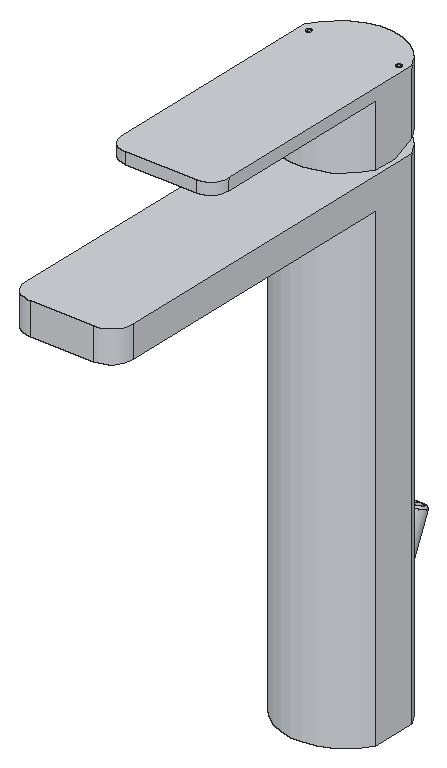
Revit family "Faucet-Lavatory-KOHLER-PARALLEL-K-23475IN", category Plumbing Fixtures, host Face, Revit 2017
Family settings
  Host = Face
  Round Connector Dimension = Use Diameter
  Part Type = Normal
  OmniClass Number = 23.31.11.00
  OmniClass Title = Faucets
  Cut with Voids When Loaded = No
  Shared = No
  Room Calculation Point = No
Parameters (values of type "With Drain, CP-Polished Chrome")
  Width = 1.85039"  # constant formula
  WaterSense Certified = 1 = 0  # no
  Waste Water Outlet = "Waste Water Outlet"  # constant formula
  Waste Connection = 1 = 0  # no
  Vent Connection = 1 = 0  # no
  URL = "https://www.kohler.co.in/"
  Type = 1
  Spout Reach = 5.3937"  # constant formula
  Product Page URL = "https://www.kohler.co.in/product-detail/23475in-4?skuid=K-23475IN-4-CP"
  Product Name = "PARALLEL"  # constant formula
  Product Documentation Link = ""
  Pressure = 0.00 psi
  Model = if(Type = 1, "K-23475IN-4-CP", if(Type = 2, "K-23475IN-4ND-CP", if(Type = 3, "K-23475IN-4ND-AF", if(Type = 4, "K-23475IN-4ND-BN", if(Type = 5, "K-23475IN-4ND-RGD", "NA")))))  # "K-23475IN-4-CP"
  Material = "Premium Metal Construction"  # constant formula
  Master Format 2014 Name = "Residential Faucets, Supplies, and Trim"  # constant formula
  Master Format 2014 = "22 41 39"  # constant formula
  Manufacturer Address = "Ambience Office Tower NH-8 Gurgaon / Gurugram Haryana , 122001"  # constant formula
  Manufacturer = "KOHLER Co."  # constant formula
  Lift Rod = Type = 1  # yes
  Length = Spout Reach  # 5.3937"
  Hot Water Inlet = "Hot Water Inlet"  # constant formula
  Height = 10.27559"  # constant formula
  Handle Clearance = 3 15/16"  # constant formula
  HW Connection = 1 = 1  # yes
  Flow Rate = 0 GPM
  Finish = Kohler-Metal-CP-Polished_Chrome
  Environmental Product Declaration = ""
  Drain Included = if(Type = 1, 1 = 1, 1 = 0)  # yes
  Description = if(Type = 1, "Single Control Tall Lav With Drain", "Single Control Tall Lav Without Drain")  # "Single Control Tall Lav With Drain"
  Default Elevation = 36"
  Declare Label = ""
  Date Modified = "05/19/2020"  # constant formula
  Date Created = "05/19/2020"  # constant formula
  Copyright = "Copyright KOHLER Co."  # constant formula
  Contact Us = "https://www.kohler.co.in/contact-us"
  Cold Water Inlet = "Cold Water Inlet"  # constant formula
  CW Connection = 1 = 1  # yes
  Assembly Code = "D2010"
  ADA Compliant = 1 = 0  # no
Types (6): name | Type | Product Page URL | Model | Lift Rod | Finish | Drain Included | Description
  (no name) | 1 | "https://www.kohler.co.in/product-detail/23475in-4?skuid=K-23475IN-4-CP" | "K-23475IN-4-CP" | yes | Kohler-Metal-CP-Polished_Chrome | yes | "Single Control Tall Lav With Drain"
  With Drain, CP-Polished Chrome | 1 | "https://www.kohler.co.in/product-detail/23475in-4?skuid=K-23475IN-4-CP" | "K-23475IN-4-CP" | yes | Kohler-Metal-CP-Polished_Chrome | yes | "Single Control Tall Lav With Drain"
  Without Drain, BN-Brushed Nickel | 4 | "https://www.kohler.co.in/product-detail/23475in-4nd?skuid=K-23475IN-4ND-BN" | "K-23475IN-4ND-BN" | no | Kohler-Metal-BN-Vibrant_Brushed_Nickel | no | "Single Control Tall Lav Without Drain"
  Without Drain, AF- Flange Gold | 3 | "https://www.kohler.co.in/product-detail/23475in-4nd?skuid=K-23475IN-4ND-AF" | "K-23475IN-4ND-AF" | no | Kohler-Metal-AF-Flange_Gold | no | "Single Control Tall Lav Without Drain"
  Without Drain, RGD-Rose Gold | 5 | "https://www.kohler.co.in/product-detail/23475in-4nd?skuid=K-23475IN-4ND-RGD" | "K-23475IN-4ND-RGD" | no | Kohler-Metal-RGD-Rose_Gold | no | "Single Control Tall Lav Without Drain"
  Without Drain, CP-Polished Chrome | 2 | "https://www.kohler.co.in/product-detail/23475in-4nd?skuid=K-23475IN-4ND-CP" | "K-23475IN-4ND-CP" | no | Kohler-Metal-CP-Polished_Chrome | no | "Single Control Tall Lav Without Drain"
Reference planes (in)
  plane 1 "Center (Front/Back)": y = 0
  plane 2: z = 0
  plane 3 "Center (Left/Right)": x = 0
  plane 4: y = 0.9252
  plane 5: y = -0.9252
  plane 6: z = 8.18898
  plane 7: y = -5.3937
  plane 8: y = -6.10236
  plane 9: z = 10.27559
  plane 10: y = -3.9375
  plane 11: x = -0.9252
  plane 12: x = 0.9252
  plane 13: y = 1.75121
Dimensions and locks (in)
  "Length": plane 1 "Center (Front/Back)" to plane 7
  "Height": plane 9 to plane 2
  "Width": plane 11 to plane 12
  "Handle Clearance": plane 1 "Center (Front/Back)" to plane 10
  locked: plane 6 to plane 2 at 8.18898
  locked: plane 1 "Center (Front/Back)" to plane 8 at 6.10236
  plane 4 to plane 5 = 1.85039"
  aligned and locked: plane 2 to host face
  aligned and locked: level to host face
Automatic sketch dimensions
  host sketch curve to host sketch curve = 96"  (x2)
Nested families (in)
  nested 1: "K-23475IN" at (0, 0, 0), type "K-23475IN"
Connectors (in)
  piping at (0.43503, 0, 0), diameter 0.5, driven by "CW Connection", driven by "Cold Water Inlet"
    settings: on nested 1, index 1, connector inside diameter 24", connector length 0", flow factor 0, pipe flow 0 GPM, pressure drop 0.00 psi, fitting loss kfactor 0, connector angle 0.00°, fixture units 0, engagement length 0", angle of deflection 0.00°, flow configuration 0, flow direction 1, fitting loss method 0, system type 20, joint type 0, gender type 0, connector reference index -1, connector utility 1, adjustable connector no, is connector primary yes, connector description "Cold Water Inlet"
  piping at (-0.43503, 0, 0), diameter 0.5, driven by "HW Connection", driven by "Hot Water Inlet"
    settings: on nested 1, index 2, connector inside diameter 24", connector length 0", flow factor 0, pipe flow 0 GPM, pressure drop 0.00 psi, fitting loss kfactor 0, connector angle 0.00°, fixture units 0, engagement length 0", angle of deflection 0.00°, flow configuration 0, flow direction 1, fitting loss method 0, system type 19, joint type 0, gender type 0, connector reference index -1, connector utility 1, adjustable connector no, is connector primary no, connector description "Hot Water Inlet"
Definition of nested family "K-23475IN"
  Parameters (values of type "K-23475IN")
    Material = none
    4ND = yes
  Reference planes (in)
    plane 1 "Center (Front/Back)": y = 0
    plane 2: z = 0
    plane 3 "Center (Left/Right)": x = 0
    plane 4: y = 0.9252
    plane 5: x = -0.9252
    plane 6: y = -6.10236
    plane 7: x = -0.43503
    plane 8: x = 0.43503
    plane 9: y = -0.9252
    plane 10: x = 0.9252
    plane 11: y = -5.3937
    plane 12: z = 8.18898
    plane 13: z = 10.27559
    plane 14: y = 1.74173
    plane 15: x = -0.7874
    plane 16: x = 0.7874
    plane 17: y = 0.27559
  Forms (in)
    Extrusion 1, solid, material <- "Material", detail levels medium+fine
      sketch origin (0, 0, 0) x (1, 0, 0) y (0, 1, 0)
        loop
          line (-0.9375, 0.36941) -> (-0.9375, -0.41291)
          arc (-0.9375, -0.41291) -> (0, -0.96875) -> (0.9375, -0.41291) r 1.06853
          line (0.9375, -0.41291) -> (0.9375, 0.36941)
          arc (0.9375, 0.36941) -> (0, 0.96875) -> (-0.9375, 0.36941) r 1.0329
      from 0 to 8.91732
    Extrusion 2, solid, material <- "Material", detail levels medium+fine
      sketch origin (0, 0, 0) x (1, 0, 0) y (0, 1, 0)
        loop
          line (-0.55477, -6.09375) -> (0.55477, -6.09375)
          arc (0.55477, -6.09375) -> (0.8254, -5.98165) -> (0.9375, -5.71102) r 0.38273
          line (0.9375, -5.71102) -> (0.9375, 0) -> (-0.9375, 0) -> (-0.9375, -5.71102)
          arc (-0.9375, -5.71102) -> (-0.8254, -5.98165) -> (-0.55477, -6.09375) r 0.38273
      from 8.36614 to 8.91732
    Extrusion 3, solid, material <- "Material", detail levels medium+fine
      sketch origin (0, 0, 9) x (1, 0, 0) y (0, 1, 0)
        loop
          line (-0.9375, 0.36941) -> (-0.9375, -0.41291)
          arc (-0.9375, -0.41291) -> (0, -0.96875) -> (0.9375, -0.41291) r 1.06853
          line (0.9375, -0.41291) -> (0.9375, 0.36941)
          arc (0.9375, 0.36941) -> (0, 0.96875) -> (-0.9375, 0.36941) r 1.0329
      from 0 to 1.28125
    Revolve 4, solid, material <- "Material", detail levels medium+fine
      sketch origin (0, 0, 0) x (0, 1, 0) y (0, 0, 1)
        loop
          line (0, 9.53196) -> (0, 8.91732) -> (0.78685, 8.91732)
          arc (0.78685, 8.91732) -> (0.76344, 8.93263) -> (0.75436, 8.95908) r 0.04309
          line (0.75436, 8.95908) -> (0.75436, 9.53196) -> (0, 9.53196)
        axis (0, 9.53196) -> (0, 8.91732)
      angle from 0 to 360
    Extrusion 5, void
      sketch origin (0, 0, 0) x (0, 1, 0) y (0, 0, 1)
        loop
          line (-0.00884, 9) -> (1.24564, 9) -> (1.24564, 9.35039) -> (0.8223, 9.35039)
          arc (0.8223, 9.35039) -> (0.77912, 9.34586) -> (0.73782, 9.33244) r 0.2077
          line (0.73782, 9.33244) -> (-0.00884, 9)
      from -1.5494 to 12
    Extrusion 6, solid, material <- "Material", detail levels medium+fine
      sketch origin (0, 0, 0) x (1, 0, 0) y (0, 1, 0)
        loop
          line (-0.9375, 0) -> (-0.9375, -3.61531)
          arc (-0.9375, -3.61531) -> (-0.84313, -3.84313) -> (-0.61531, -3.9375) r 0.32219
          line (-0.61531, -3.9375) -> (0.62024, -3.9375)
          arc (0.62024, -3.9375) -> (0.84458, -3.84458) -> (0.9375, -3.62024) r 0.31726
          line (0.9375, -3.62024) -> (0.9375, 0) -> (-0.9375, 0)
      from 10.08661 to 10.28125
    Revolve 7, solid, material <- "Material", detail levels medium+fine
      sketch origin (0, 0, 0) x (0, 1, 0) y (0, 0, 1)
        loop
          line (-5.31322, 8.13228) -> (-4.99308, 8.04529)
          arc (-4.99308, 8.04529) -> (-4.94482, 8.07054) -> (-4.90967, 8.11213) r 0.1416
          line (-4.90967, 8.11213) -> (-4.77345, 8.07512)
          arc (-4.77345, 8.07512) -> (-4.74981, 8.07729) -> (-4.73335, 8.0944) r 0.03399
          arc (-4.73335, 8.0944) -> (-4.62587, 8.25463) -> (-4.46843, 8.36614) r 0.53346
          line (-4.46843, 8.36614) -> (-5.24969, 8.36614) -> (-5.31322, 8.13228)
        axis (-5.19598, 8.56381) -> (-5.31323, 8.13228)
      angle from 0 to 360
    Revolve 8, solid, material <- "Material", visible <- "4ND", detail levels medium+fine
      sketch origin (0, 0, 0) x (0, 1, 0) y (0, 0, 1)
        loop
          line (1.15929, 1.92054) -> (0.80011, 1.13238) -> (0.88072, 1.09565) -> (1.56643, 2.60031) -> (1.40608, 2.67339)
          arc (1.40608, 2.67339) -> (1.37535, 2.67446) -> (1.35286, 2.65349) r 0.04018
          line (1.35286, 2.65349) -> (1.05419, 1.99812)
          arc (1.05419, 1.99812) -> (1.05347, 1.97746) -> (1.06757, 1.96234) r 0.02701
          line (1.06757, 1.96234) -> (1.15929, 1.92054)
        axis (1.56643, 2.60031) -> (0.88072, 1.09565)
      angle from 0 to 360
    Extrusion 9, solid, detail levels medium+fine
      sketch origin (0, -2.25518, -1.03743) x (1, 0, 0) y (0, 0.965926, -0.258819)
        loop
          line (-0.17669, -5.13203) -> (-0.1363, -5.17101)
          spline (-0.1363, -5.17101) -> (-0.13379, -5.16881) -> (-0.13124, -5.16664) -> (-0.12865, -5.16452) -> (-0.12602, -5.16244) -> (-0.12336, -5.16041) -> (-0.12066, -5.15842) -> (-0.11793, -5.15647) -> (-0.11517, -5.15457) -> (-0.11237, -5.15271) -> (-0.10954, -5.1509) -> (-0.10668, -5.14913) -> (-0.10378, -5.14742)
          line (-0.10378, -5.14742) -> (-0.13233, -5.0997)
          spline (-0.13233, -5.0997) -> (-0.13629, -5.10203) -> (-0.14021, -5.10444) -> (-0.14408, -5.1069) -> (-0.14791, -5.10944) -> (-0.15169, -5.11204) -> (-0.15542, -5.11471) -> (-0.1591, -5.11744) -> (-0.16272, -5.12024) -> (-0.1663, -5.12309) -> (-0.16982, -5.12601) -> (-0.17328, -5.12899) -> (-0.17669, -5.13203)
        loop
          line (-0.21891, -5.18697) -> (-0.16948, -5.21355)
          spline (-0.16948, -5.21355) -> (-0.16766, -5.21075) -> (-0.16579, -5.20798) -> (-0.16387, -5.20523) -> (-0.1619, -5.20252) -> (-0.15989, -5.19984) -> (-0.15783, -5.1972) -> (-0.15573, -5.19458) -> (-0.15358, -5.192) -> (-0.15139, -5.18946) -> (-0.14916, -5.18695) -> (-0.14688, -5.18447) -> (-0.14456, -5.18204)
          line (-0.14456, -5.18204) -> (-0.18496, -5.14383)
          spline (-0.18496, -5.14383) -> (-0.18815, -5.14715) -> (-0.19127, -5.15052) -> (-0.19433, -5.15395) -> (-0.19732, -5.15743) -> (-0.20026, -5.16095) -> (-0.20312, -5.16453) -> (-0.20592, -5.16816) -> (-0.20866, -5.17183) -> (-0.21133, -5.17555) -> (-0.21392, -5.17931) -> (-0.21645, -5.18312) -> (-0.21891, -5.18697)
        loop
          line (-0.25594, -5.30951) -> (-0.19981, -5.30902)
          spline (-0.19981, -5.30902) -> (-0.19956, -5.30568) -> (-0.19926, -5.30235) -> (-0.1989, -5.29903) -> (-0.19848, -5.2957) -> (-0.19801, -5.29239) -> (-0.19748, -5.28907) -> (-0.1969, -5.28577) -> (-0.19626, -5.28248) -> (-0.19556, -5.27919) -> (-0.19481, -5.27592) -> (-0.19401, -5.27265) -> (-0.19315, -5.2694)
          line (-0.19315, -5.2694) -> (-0.24695, -5.25536)
          spline (-0.24695, -5.25536) -> (-0.24814, -5.2598) -> (-0.24925, -5.26426) -> (-0.25029, -5.26874) -> (-0.25124, -5.27323) -> (-0.25211, -5.27773) -> (-0.2529, -5.28225) -> (-0.25361, -5.28677) -> (-0.25424, -5.29131) -> (-0.25479, -5.29585) -> (-0.25525, -5.3004) -> (-0.25564, -5.30495) -> (-0.25594, -5.30951)
        loop
          line (-0.24707, -5.24153) -> (-0.1927, -5.25546)
          spline (-0.1927, -5.25546) -> (-0.1916, -5.2523) -> (-0.19045, -5.24916) -> (-0.18925, -5.24604) -> (-0.18799, -5.24294) -> (-0.18669, -5.23985) -> (-0.18533, -5.23679) -> (-0.18391, -5.23374) -> (-0.18245, -5.23072) -> (-0.18093, -5.22773) -> (-0.17937, -5.22475) -> (-0.17775, -5.22181) -> (-0.17609, -5.21888)
          line (-0.17609, -5.21888) -> (-0.22448, -5.19151)
          spline (-0.22448, -5.19151) -> (-0.22678, -5.19549) -> (-0.229, -5.19952) -> (-0.23114, -5.20358) -> (-0.23321, -5.20767) -> (-0.23521, -5.2118) -> (-0.23714, -5.21596) -> (-0.23899, -5.22015) -> (-0.24076, -5.22438) -> (-0.24245, -5.22863) -> (-0.24407, -5.2329) -> (-0.24561, -5.23721) -> (-0.24707, -5.24153)
        loop
          line (-0.24522, -5.37164) -> (-0.19097, -5.3572)
          spline (-0.19097, -5.3572) -> (-0.19156, -5.35391) -> (-0.19209, -5.35061) -> (-0.19257, -5.3473) -> (-0.19299, -5.34398) -> (-0.19336, -5.34065) -> (-0.19367, -5.33731) -> (-0.19393, -5.33396) -> (-0.19413, -5.33061) -> (-0.19427, -5.32726) -> (-0.19436, -5.3239) -> (-0.19439, -5.32054) -> (-0.19436, -5.31717)
          line (-0.19436, -5.31717) -> (-0.24997, -5.31695)
          spline (-0.24997, -5.31695) -> (-0.25002, -5.32155) -> (-0.24999, -5.32614) -> (-0.24988, -5.33073) -> (-0.24968, -5.33532) -> (-0.24941, -5.3399) -> (-0.24905, -5.34447) -> (-0.24861, -5.34903) -> (-0.2481, -5.35358) -> (-0.2475, -5.35812) -> (-0.24682, -5.36264) -> (-0.24606, -5.36715) -> (-0.24522, -5.37164)
        loop
          line (-0.22001, -5.43617) -> (-0.1717, -5.4076)
          spline (-0.1717, -5.4076) -> (-0.17316, -5.40459) -> (-0.17457, -5.40155) -> (-0.17592, -5.39849) -> (-0.17723, -5.39541) -> (-0.17848, -5.3923) -> (-0.17969, -5.38917) -> (-0.18084, -5.38602) -> (-0.18194, -5.38285) -> (-0.18298, -5.37966) -> (-0.18398, -5.37645) -> (-0.18492, -5.37322) -> (-0.1858, -5.36998)
          line (-0.1858, -5.36998) -> (-0.23939, -5.38482)
          spline (-0.23939, -5.38482) -> (-0.23819, -5.38926) -> (-0.23692, -5.39367) -> (-0.23557, -5.39806) -> (-0.23414, -5.40242) -> (-0.23264, -5.40676) -> (-0.23106, -5.41106) -> (-0.2294, -5.41533) -> (-0.22767, -5.41957) -> (-0.22587, -5.42378) -> (-0.22399, -5.42795) -> (-0.22204, -5.43208) -> (-0.22001, -5.43617)
        loop
          line (-0.13424, -5.53121) -> (-0.10565, -5.4829)
          spline (-0.10565, -5.4829) -> (-0.10838, -5.48097) -> (-0.11107, -5.47899) -> (-0.11374, -5.47696) -> (-0.11636, -5.47488) -> (-0.11896, -5.47276) -> (-0.12152, -5.4706) -> (-0.12405, -5.46839) -> (-0.12654, -5.46614) -> (-0.12899, -5.46385) -> (-0.13141, -5.46151) -> (-0.13378, -5.45914) -> (-0.13612, -5.45672)
          line (-0.13612, -5.45672) -> (-0.17595, -5.49552)
          spline (-0.17595, -5.49552) -> (-0.17276, -5.49884) -> (-0.16952, -5.5021) -> (-0.16622, -5.50529) -> (-0.16287, -5.50843) -> (-0.15947, -5.5115) -> (-0.15601, -5.51451) -> (-0.1525, -5.51746) -> (-0.14895, -5.52035) -> (-0.14534, -5.52316) -> (-0.14169, -5.52591) -> (-0.13799, -5.5286) -> (-0.13424, -5.53121)
        loop
          line (-0.18785, -5.48848) -> (-0.14782, -5.44913)
          spline (-0.14782, -5.44913) -> (-0.14996, -5.44656) -> (-0.15206, -5.44396) -> (-0.15411, -5.44131) -> (-0.15612, -5.43863) -> (-0.15808, -5.43592) -> (-0.16, -5.43317) -> (-0.16188, -5.43039) -> (-0.16371, -5.42757) -> (-0.16549, -5.42473) -> (-0.16722, -5.42185) -> (-0.16891, -5.41894) -> (-0.17055, -5.41601)
          line (-0.17055, -5.41601) -> (-0.219, -5.44329)
          spline (-0.219, -5.44329) -> (-0.21678, -5.44731) -> (-0.21448, -5.45129) -> (-0.21211, -5.45523) -> (-0.20968, -5.45912) -> (-0.20718, -5.46296) -> (-0.20461, -5.46676) -> (-0.20197, -5.47051) -> (-0.19928, -5.47421) -> (-0.19651, -5.47786) -> (-0.19369, -5.48145) -> (-0.1908, -5.485) -> (-0.18785, -5.48848)
        loop
          line (-0.07576, -5.55406) -> (-0.06003, -5.50018)
          spline (-0.06003, -5.50018) -> (-0.06315, -5.49898) -> (-0.06625, -5.49773) -> (-0.06933, -5.49642) -> (-0.07239, -5.49506) -> (-0.07543, -5.49365) -> (-0.07845, -5.49219) -> (-0.08144, -5.49067) -> (-0.08441, -5.48911) -> (-0.08735, -5.4875) -> (-0.09027, -5.48583) -> (-0.09317, -5.48412) -> (-0.09603, -5.48236)
          line (-0.09603, -5.48236) -> (-0.12501, -5.52981)
          spline (-0.12501, -5.52981) -> (-0.1211, -5.53223) -> (-0.11715, -5.53459) -> (-0.11317, -5.53687) -> (-0.10914, -5.53908) -> (-0.10508, -5.54121) -> (-0.10099, -5.54327) -> (-0.09686, -5.54526) -> (-0.0927, -5.54717) -> (-0.08851, -5.54901) -> (-0.08429, -5.55077) -> (-0.08004, -5.55245) -> (-0.07576, -5.55406)
        loop
          line (-0.0075, -5.56591) -> (-0.00694, -5.50978)
          spline (-0.00694, -5.50978) -> (-0.01027, -5.50947) -> (-0.01359, -5.5091) -> (-0.01691, -5.50868) -> (-0.02022, -5.5082) -> (-0.02353, -5.50766) -> (-0.02683, -5.50707) -> (-0.03012, -5.50643) -> (-0.03341, -5.50573) -> (-0.03668, -5.50497) -> (-0.03994, -5.50416) -> (-0.04319, -5.50329) -> (-0.04642, -5.50237)
          line (-0.04642, -5.50237) -> (-0.06147, -5.5559)
          spline (-0.06147, -5.5559) -> (-0.05705, -5.55717) -> (-0.05262, -5.55837) -> (-0.04816, -5.55949) -> (-0.04369, -5.56052) -> (-0.0392, -5.56148) -> (-0.0347, -5.56236) -> (-0.03019, -5.56315) -> (-0.02567, -5.56387) -> (-0.02114, -5.5645) -> (-0.0166, -5.56505) -> (-0.01205, -5.56552) -> (-0.0075, -5.56591)
        loop
          line (0.11821, -5.54173) -> (0.09169, -5.49226)
          spline (0.09169, -5.49226) -> (0.08862, -5.49359) -> (0.08553, -5.49487) -> (0.08241, -5.4961) -> (0.07928, -5.49727) -> (0.07612, -5.4984) -> (0.07295, -5.49947) -> (0.06975, -5.50049) -> (0.06653, -5.50145) -> (0.0633, -5.50236) -> (0.06005, -5.50322) -> (0.05679, -5.50403) -> (0.05351, -5.50478)
          line (0.05351, -5.50478) -> (0.06609, -5.55894)
          spline (0.06609, -5.55894) -> (0.07058, -5.55793) -> (0.07504, -5.55684) -> (0.07948, -5.55568) -> (0.0839, -5.55443) -> (0.08829, -5.55311) -> (0.09266, -5.55171) -> (0.097, -5.55024) -> (0.10131, -5.54869) -> (0.10558, -5.54706) -> (0.10983, -5.54536) -> (0.11404, -5.54358) -> (0.11821, -5.54173)
        loop
          line (0.0539, -5.56548) -> (0.04096, -5.51086)
          spline (0.04096, -5.51086) -> (0.03766, -5.51136) -> (0.03434, -5.5118) -> (0.03102, -5.51219) -> (0.02768, -5.51252) -> (0.02435, -5.51279) -> (0.021, -5.51301) -> (0.01765, -5.51318) -> (0.01429, -5.51328) -> (0.01094, -5.51333) -> (0.00758, -5.51333) -> (0.00422, -5.51327) -> (0.00085, -5.51315)
          line (0.00085, -5.51315) -> (-0.00089, -5.56873)
          spline (-0.00089, -5.56873) -> (0.0037, -5.56891) -> (0.0083, -5.569) -> (0.01289, -5.56901) -> (0.01748, -5.56895) -> (0.02207, -5.5688) -> (0.02664, -5.56857) -> (0.03122, -5.56825) -> (0.03578, -5.56786) -> (0.04033, -5.56739) -> (0.04487, -5.56683) -> (0.04939, -5.56619) -> (0.0539, -5.56548)
        loop
          line (0.16823, -5.50336) -> (0.13024, -5.46204)
          spline (0.13024, -5.46204) -> (0.1276, -5.46409) -> (0.12493, -5.4661) -> (0.12222, -5.46806) -> (0.11947, -5.46998) -> (0.11669, -5.47185) -> (0.11388, -5.47368) -> (0.11104, -5.47546) -> (0.10816, -5.47719) -> (0.10526, -5.47888) -> (0.10233, -5.48052) -> (0.09937, -5.48211) -> (0.09638, -5.48365)
          line (0.09638, -5.48365) -> (0.12202, -5.53298)
          spline (0.12202, -5.53298) -> (0.12612, -5.53089) -> (0.13017, -5.52873) -> (0.13419, -5.5265) -> (0.13816, -5.52419) -> (0.14208, -5.52182) -> (0.14596, -5.51938) -> (0.1498, -5.51687) -> (0.15359, -5.5143) -> (0.15732, -5.51166) -> (0.16101, -5.50896) -> (0.16465, -5.50619) -> (0.16823, -5.50336)
        loop
          line (0.21366, -5.45104) -> (0.1659, -5.42155)
          spline (0.1659, -5.42155) -> (0.16391, -5.42424) -> (0.16188, -5.4269) -> (0.1598, -5.42952) -> (0.15768, -5.43211) -> (0.15551, -5.43467) -> (0.1533, -5.43719) -> (0.15105, -5.43967) -> (0.14875, -5.44212) -> (0.14641, -5.44453) -> (0.14403, -5.4469) -> (0.14161, -5.44923) -> (0.13915, -5.45152)
          line (0.13915, -5.45152) -> (0.1772, -5.49207)
          spline (0.1772, -5.49207) -> (0.18057, -5.48895) -> (0.18389, -5.48577) -> (0.18715, -5.48253) -> (0.19034, -5.47924) -> (0.19348, -5.4759) -> (0.19656, -5.4725) -> (0.19957, -5.46905) -> (0.20252, -5.46554) -> (0.20541, -5.46199) -> (0.20822, -5.45839) -> (0.21098, -5.45474) -> (0.21366, -5.45104)
        loop
          line (0.25794, -5.33093) -> (0.20188, -5.32807)
          spline (0.20188, -5.32807) -> (0.20143, -5.33138) -> (0.20093, -5.33469) -> (0.20037, -5.33799) -> (0.19976, -5.34128) -> (0.19909, -5.34456) -> (0.19836, -5.34784) -> (0.19758, -5.3511) -> (0.19675, -5.35435) -> (0.19586, -5.35759) -> (0.19491, -5.36081) -> (0.19391, -5.36402) -> (0.19286, -5.36722)
          line (0.19286, -5.36722) -> (0.24573, -5.38444)
          spline (0.24573, -5.38444) -> (0.24718, -5.38008) -> (0.24856, -5.3757) -> (0.24986, -5.37129) -> (0.25108, -5.36687) -> (0.25222, -5.36242) -> (0.25328, -5.35796) -> (0.25425, -5.35349) -> (0.25515, -5.349) -> (0.25597, -5.34449) -> (0.25671, -5.33998) -> (0.25736, -5.33546) -> (0.25794, -5.33093)
        loop
          line (0.24503, -5.39825) -> (0.19158, -5.3811)
          spline (0.19158, -5.3811) -> (0.1903, -5.38419) -> (0.18896, -5.38726) -> (0.18758, -5.3903) -> (0.18614, -5.39333) -> (0.18465, -5.39633) -> (0.18311, -5.39931) -> (0.18152, -5.40226) -> (0.17987, -5.40519) -> (0.17818, -5.40809) -> (0.17644, -5.41096) -> (0.17465, -5.41381) -> (0.17282, -5.41663)
          line (0.17282, -5.41663) -> (0.21949, -5.44684)
          spline (0.21949, -5.44684) -> (0.22202, -5.443) -> (0.22447, -5.43912) -> (0.22686, -5.43519) -> (0.22917, -5.43123) -> (0.23141, -5.42723) -> (0.23358, -5.42319) -> (0.23568, -5.41911) -> (0.2377, -5.415) -> (0.23965, -5.41086) -> (0.24152, -5.40669) -> (0.24331, -5.40249) -> (0.24503, -5.39825)
        loop
          line (0.24817, -5.25515) -> (0.19462, -5.27197)
          arc (0.19462, -5.27197) -> (0.19943, -5.2918) -> (0.19623, -5.31196) r 0.05195
          line (0.19623, -5.31196) -> (0.25534, -5.30957)
          spline (0.25534, -5.30957) -> (0.25519, -5.30498) -> (0.25495, -5.30039) -> (0.25464, -5.29581) -> (0.25424, -5.29123) -> (0.25376, -5.28667) -> (0.25321, -5.28212) -> (0.25257, -5.27758) -> (0.25185, -5.27306) -> (0.25105, -5.26856) -> (0.25017, -5.26407) -> (0.24921, -5.2596) -> (0.24817, -5.25515)
        loop
          line (0.22013, -5.1918) -> (0.17314, -5.22249)
          spline (0.17314, -5.22249) -> (0.17472, -5.22543) -> (0.17626, -5.2284) -> (0.17775, -5.23139) -> (0.1792, -5.23442) -> (0.18059, -5.23746) -> (0.18193, -5.24054) -> (0.18322, -5.24363) -> (0.18446, -5.24675) -> (0.18564, -5.2499) -> (0.18678, -5.25306) -> (0.18786, -5.25624) -> (0.18889, -5.25944)
          line (0.18889, -5.25944) -> (0.24177, -5.24224)
          spline (0.24177, -5.24224) -> (0.24038, -5.23786) -> (0.23891, -5.23351) -> (0.23736, -5.22918) -> (0.23574, -5.22489) -> (0.23405, -5.22062) -> (0.23228, -5.2164) -> (0.23044, -5.2122) -> (0.22852, -5.20804) -> (0.22653, -5.20392) -> (0.22447, -5.19984) -> (0.22234, -5.1958) -> (0.22013, -5.1918)
        loop
          line (0.13023, -5.10065) -> (0.10382, -5.15018)
          spline (0.10382, -5.15018) -> (0.10662, -5.15199) -> (0.1094, -5.15385) -> (0.11215, -5.15576) -> (0.11487, -5.15772) -> (0.11756, -5.15972) -> (0.12021, -5.16177) -> (0.12283, -5.16386) -> (0.12542, -5.166) -> (0.12797, -5.16818) -> (0.13049, -5.17041) -> (0.13297, -5.17268) -> (0.13542, -5.17499)
          line (0.13542, -5.17499) -> (0.17348, -5.13446)
          spline (0.17348, -5.13446) -> (0.17015, -5.13129) -> (0.16677, -5.12818) -> (0.16333, -5.12513) -> (0.15985, -5.12214) -> (0.15631, -5.11922) -> (0.15272, -5.11637) -> (0.14909, -5.11358) -> (0.1454, -5.11086) -> (0.14168, -5.1082) -> (0.1379, -5.10562) -> (0.13409, -5.1031) -> (0.13023, -5.10065)
        loop
          line (0.18568, -5.14096) -> (0.14744, -5.18205)
          spline (0.14744, -5.18205) -> (0.14969, -5.18452) -> (0.1519, -5.18703) -> (0.15407, -5.18958) -> (0.15619, -5.19217) -> (0.15827, -5.1948) -> (0.16031, -5.19746) -> (0.16231, -5.20015) -> (0.16426, -5.20288) -> (0.16617, -5.20565) -> (0.16803, -5.20844) -> (0.16985, -5.21127) -> (0.17162, -5.21413)
          line (0.17162, -5.21413) -> (0.21881, -5.18473)
          spline (0.21881, -5.18473) -> (0.21641, -5.18081) -> (0.21393, -5.17694) -> (0.2114, -5.17311) -> (0.20879, -5.16933) -> (0.20612, -5.1656) -> (0.20339, -5.16192) -> (0.20059, -5.15829) -> (0.19773, -5.15472) -> (0.19481, -5.15119) -> (0.19183, -5.14773) -> (0.18878, -5.14432) -> (0.18568, -5.14096)
        loop
          line (0.07055, -5.08035) -> (0.05727, -5.13489)
          spline (0.05727, -5.13489) -> (0.06044, -5.13595) -> (0.0636, -5.13706) -> (0.06673, -5.13822) -> (0.06985, -5.13944) -> (0.07295, -5.14071) -> (0.07603, -5.14204) -> (0.07909, -5.14341) -> (0.08213, -5.14484) -> (0.08515, -5.14632) -> (0.08814, -5.14785) -> (0.0911, -5.14943) -> (0.09405, -5.15106)
          line (0.09405, -5.15106) -> (0.12084, -5.10234)
          spline (0.12084, -5.10234) -> (0.11683, -5.1001) -> (0.11278, -5.09793) -> (0.10869, -5.09583) -> (0.10457, -5.0938) -> (0.10042, -5.09185) -> (0.09624, -5.08998) -> (0.09202, -5.08818) -> (0.08778, -5.08646) -> (0.08351, -5.08482) -> (0.07921, -5.08325) -> (0.07489, -5.08176) -> (0.07055, -5.08035)
        loop
          line (0.00182, -5.07161) -> (0.0038, -5.12771)
          spline (0.0038, -5.12771) -> (0.00714, -5.12787) -> (0.01048, -5.12808) -> (0.01381, -5.12835) -> (0.01715, -5.12868) -> (0.02047, -5.12907) -> (0.0238, -5.12951) -> (0.02712, -5.13) -> (0.03043, -5.13056) -> (0.03373, -5.13116) -> (0.03702, -5.13183) -> (0.04031, -5.13255) -> (0.04358, -5.13332)
          line (0.04358, -5.13332) -> (0.05619, -5.07916)
          spline (0.05619, -5.07916) -> (0.05172, -5.07809) -> (0.04723, -5.0771) -> (0.04273, -5.07618) -> (0.03822, -5.07535) -> (0.03369, -5.0746) -> (0.02915, -5.07393) -> (0.02461, -5.07334) -> (0.02006, -5.07283) -> (0.0155, -5.0724) -> (0.01094, -5.07206) -> (0.00638, -5.07179) -> (0.00182, -5.07161)
        loop
          line (-0.12267, -5.10147) -> (-0.09393, -5.14968)
          spline (-0.09393, -5.14968) -> (-0.09092, -5.14821) -> (-0.08789, -5.14679) -> (-0.08484, -5.14543) -> (-0.08176, -5.14411) -> (-0.07866, -5.14284) -> (-0.07553, -5.14163) -> (-0.07239, -5.14047) -> (-0.06922, -5.13936) -> (-0.06603, -5.1383) -> (-0.06282, -5.1373) -> (-0.0596, -5.13634) -> (-0.05636, -5.13545)
          line (-0.05636, -5.13545) -> (-0.07138, -5.08191)
          spline (-0.07138, -5.08191) -> (-0.07582, -5.08312) -> (-0.08023, -5.08441) -> (-0.08461, -5.08578) -> (-0.08897, -5.08722) -> (-0.0933, -5.08874) -> (-0.0976, -5.09033) -> (-0.10186, -5.092) -> (-0.1061, -5.09375) -> (-0.11029, -5.09557) -> (-0.11446, -5.09746) -> (-0.11858, -5.09943) -> (-0.12267, -5.10147)
        loop
          line (-0.0595, -5.07483) -> (-0.0441, -5.1288)
          spline (-0.0441, -5.1288) -> (-0.04082, -5.12815) -> (-0.03753, -5.12756) -> (-0.03422, -5.12702) -> (-0.03091, -5.12654) -> (-0.02759, -5.12612) -> (-0.02425, -5.12574) -> (-0.02091, -5.12543) -> (-0.01757, -5.12517) -> (-0.01422, -5.12497) -> (-0.01086, -5.12482) -> (-0.0075, -5.12473) -> (-0.00413, -5.12469)
          line (-0.00413, -5.12469) -> (-0.00491, -5.06909)
          spline (-0.00491, -5.06909) -> (-0.00951, -5.06912) -> (-0.0141, -5.06924) -> (-0.01869, -5.06943) -> (-0.02328, -5.06971) -> (-0.02785, -5.07007) -> (-0.03241, -5.0705) -> (-0.03696, -5.07102) -> (-0.0415, -5.07162) -> (-0.04603, -5.0723) -> (-0.05054, -5.07306) -> (-0.05503, -5.07391) -> (-0.0595, -5.07483)
        loop
          line (-0.06699, -5.32881) -> (-0.13091, -5.32881)
          spline (-0.13091, -5.32881) -> (-0.12951, -5.33738) -> (-0.12751, -5.34583) -> (-0.12491, -5.35414) -> (-0.12174, -5.36225) -> (-0.118, -5.37014) -> (-0.11371, -5.37776) -> (-0.1089, -5.38509) -> (-0.10358, -5.39208) -> (-0.09778, -5.3987) -> (-0.09152, -5.40493) -> (-0.08484, -5.41074) -> (-0.07777, -5.41609)
          line (-0.07777, -5.41609) -> (-0.04592, -5.36286)
          spline (-0.04592, -5.36286) -> (-0.04845, -5.36056) -> (-0.05086, -5.35814) -> (-0.05314, -5.3556) -> (-0.05529, -5.35296) -> (-0.05729, -5.35022) -> (-0.05915, -5.34738) -> (-0.06086, -5.34446) -> (-0.06241, -5.34146) -> (-0.0638, -5.33838) -> (-0.06503, -5.33524) -> (-0.0661, -5.33205) -> (-0.06699, -5.32881)
        loop
          line (-0.04275, -5.26115) -> (-0.07442, -5.20821)
          spline (-0.07442, -5.20821) -> (-0.08193, -5.21355) -> (-0.08903, -5.21939) -> (-0.09569, -5.2257) -> (-0.10187, -5.23245) -> (-0.10753, -5.2396) -> (-0.11266, -5.24712) -> (-0.11723, -5.25497) -> (-0.12121, -5.26311) -> (-0.12458, -5.27151) -> (-0.12733, -5.28011) -> (-0.12944, -5.28888) -> (-0.13091, -5.29777)
          line (-0.13091, -5.29777) -> (-0.06699, -5.29777)
          spline (-0.06699, -5.29777) -> (-0.066, -5.29421) -> (-0.0648, -5.29071) -> (-0.0634, -5.28727) -> (-0.06181, -5.28392) -> (-0.06003, -5.28066) -> (-0.05806, -5.27749) -> (-0.05591, -5.27444) -> (-0.0536, -5.27151) -> (-0.05111, -5.26871) -> (-0.04847, -5.26604) -> (-0.04568, -5.26352) -> (-0.04275, -5.26115)
        loop
          line (0.02152, -5.25013) -> (0.05337, -5.1969)
          spline (0.05337, -5.1969) -> (0.04487, -5.19361) -> (0.03616, -5.19089) -> (0.02727, -5.18876) -> (0.01826, -5.18724) -> (0.00915, -5.18632) -> (0, -5.18601) -> (-0.00915, -5.18632) -> (-0.01826, -5.18724) -> (-0.02727, -5.18876) -> (-0.03616, -5.19089) -> (-0.04487, -5.19361) -> (-0.05337, -5.1969)
          line (-0.05337, -5.1969) -> (-0.02152, -5.25013)
          spline (-0.02152, -5.25013) -> (-0.01803, -5.24912) -> (-0.01448, -5.24829) -> (-0.0109, -5.24764) -> (-0.00728, -5.24717) -> (-0.00365, -5.24689) -> (0, -5.2468) -> (0.00365, -5.24689) -> (0.00728, -5.24717) -> (0.0109, -5.24764) -> (0.01448, -5.24829) -> (0.01803, -5.24912) -> (0.02152, -5.25013)
        loop
          line (0.13134, -5.3249) -> (0.06784, -5.3249)
          spline (0.06784, -5.3249) -> (0.06703, -5.32868) -> (0.06599, -5.3324) -> (0.06473, -5.33606) -> (0.06325, -5.33964) -> (0.06156, -5.34314) -> (0.05967, -5.34653) -> (0.05757, -5.34982) -> (0.05528, -5.35297) -> (0.0528, -5.356) -> (0.05015, -5.35888) -> (0.04732, -5.36161) -> (0.04434, -5.36418)
          line (0.04434, -5.36418) -> (0.07609, -5.41725)
          spline (0.07609, -5.41725) -> (0.08365, -5.41169) -> (0.09077, -5.40563) -> (0.09742, -5.39908) -> (0.10357, -5.39209) -> (0.10918, -5.3847) -> (0.11422, -5.37693) -> (0.11867, -5.36883) -> (0.1225, -5.36044) -> (0.1257, -5.35181) -> (0.12825, -5.34298) -> (0.13013, -5.33399) -> (0.13134, -5.3249)
        loop
          line (0.07777, -5.21049) -> (0.04592, -5.26372)
          spline (0.04592, -5.26372) -> (0.04845, -5.26602) -> (0.05086, -5.26844) -> (0.05314, -5.27097) -> (0.05529, -5.27362) -> (0.05729, -5.27636) -> (0.05915, -5.27919) -> (0.06086, -5.28212) -> (0.06241, -5.28512) -> (0.0638, -5.2882) -> (0.06503, -5.29133) -> (0.0661, -5.29453) -> (0.06699, -5.29777)
          line (0.06699, -5.29777) -> (0.13091, -5.29777)
          spline (0.13091, -5.29777) -> (0.12951, -5.2892) -> (0.12751, -5.28075) -> (0.12491, -5.27244) -> (0.12174, -5.26433) -> (0.118, -5.25644) -> (0.11371, -5.24881) -> (0.1089, -5.24149) -> (0.10358, -5.2345) -> (0.09778, -5.22787) -> (0.09152, -5.22164) -> (0.08484, -5.21584) -> (0.07777, -5.21049)
        loop
          line (0.05646, -5.42831) -> (0.02476, -5.37533)
          spline (0.02476, -5.37533) -> (0.02278, -5.37604) -> (0.02078, -5.37668) -> (0.01876, -5.37727) -> (0.01672, -5.37779) -> (0.01466, -5.37825) -> (0.01259, -5.37866) -> (0.01051, -5.379) -> (0.00842, -5.37928) -> (0.00632, -5.3795) -> (0.00422, -5.37965) -> (0.00211, -5.37975) -> (0, -5.37978)
          spline (0, -5.37978) -> (-0.00211, -5.37975) -> (-0.00422, -5.37965) -> (-0.00632, -5.3795) -> (-0.00842, -5.37928) -> (-0.01051, -5.379) -> (-0.01259, -5.37866) -> (-0.01466, -5.37825) -> (-0.01672, -5.37779) -> (-0.01876, -5.37727) -> (-0.02078, -5.37668) -> (-0.02278, -5.37604) -> (-0.02476, -5.37533)
          line (-0.02476, -5.37533) -> (-0.05646, -5.42831)
          spline (-0.05646, -5.42831) -> (-0.05203, -5.43024) -> (-0.04753, -5.43201) -> (-0.04296, -5.43362) -> (-0.03833, -5.43507) -> (-0.03366, -5.43635) -> (-0.02893, -5.43746) -> (-0.02417, -5.43841) -> (-0.01938, -5.43918) -> (-0.01456, -5.43979) -> (-0.00971, -5.44022) -> (-0.00486, -5.44048) -> (0, -5.44056)
          spline (0, -5.44056) -> (0.00486, -5.44048) -> (0.00971, -5.44022) -> (0.01456, -5.43979) -> (0.01938, -5.43918) -> (0.02417, -5.43841) -> (0.02893, -5.43746) -> (0.03366, -5.43635) -> (0.03833, -5.43507) -> (0.04296, -5.43362) -> (0.04753, -5.43201) -> (0.05203, -5.43024) -> (0.05646, -5.42831)
      from 8.06559 to 8.38676
    Revolve 10, solid, material <- "Material", detail levels coarse
      sketch origin (0, 0, 0) x (0, 1, 0) y (0, 0, 1)
        loop
          line (0, 10.28125) -> (0, 0) -> (0.96875, 0) -> (0.96875, 8.92233) -> (0.7558, 8.92233) -> (0.7558, 9.35039) -> (0.96875, 9.35039) -> (0.96875, 10.28125) -> (0, 10.28125)
        axis (0, 10.28125) -> (0, 0)
      angle from 0 to 360
    Extrusion 11, solid, material <- "Material", detail levels coarse
      sketch origin (0, 0, 0) x (1, 0, 0) y (0, 1, 0)
        loop
          line (-0.9375, -3.90595) -> (0.9375, -3.90595) -> (0.9375, 0) -> (-0.9375, 0) -> (-0.9375, -3.90595)
      from 10.08661 to 10.28125
    Extrusion 12, solid, material <- "Material", detail levels coarse
      sketch origin (0, 0, -1.16929) x (1, 0, 0) y (0, 1, 0)
        loop
          line (-0.9375, -6.09375) -> (0.9375, -6.09375) -> (0.9375, 0) -> (-0.9375, 0) -> (-0.9375, -6.09375)
      from 9.53543 to 10.08661
    Revolve 13, solid, material <- "Material", visible <- "4ND", detail levels coarse
      sketch origin (0, 0, 0) x (0, 1, 0) y (0, 0, 1)
        loop
          line (0.78817, 0.89257) -> (0.94595, 0.78209) -> (1.74173, 2.52827) -> (1.56939, 2.60681) -> (0.78817, 0.89257)
        axis (1.56939, 2.60681) -> (0.77361, 0.86063)
      angle from 0 to 360
    Extrusion 14, solid, material <- "Material", detail levels medium+fine
      sketch origin (0, 0, 0) x (1, 0, 0) y (0, 1, 0)
        loop
          circle (-0.43503, 0) r 0.06457
        loop
          circle (0.43503, 0) r 0.06457
      from 0 to 0.55564
    Extrusion 15, void
      sketch origin (0, 0, 0) x (1, 0, 0) y (0, 1, 0)
        loop
          circle (-0.7874, 0.27559) r 0.03937
        loop
          circle (0.7874, 0.27559) r 0.03937
      from 10.08661 to 10.40467
    Extrusion 16, solid, detail levels medium+fine
      sketch origin (0, 0, 0) x (1, 0, 0) y (0, 1, 0)
        loop
          circle (-0.7874, 0.27559) r 0.03937
      from 10.08661 to 10.28125
    Extrusion 17, solid
      sketch origin (0, 0, 0) x (1, 0, 0) y (0, 1, 0)
        loop
          circle (0.7874, 0.27559) r 0.03937
      from 10.08661 to 10.28125
  Cuts and joins
    Extrusion 5, Extrusion 15 cuts Extrusion 3
    joined: Extrusion 1, Extrusion 2, Extrusion 3, Revolve 4, Extrusion 6, Revolve 7
  Lines and regions (in)
    Masking region 1
      outline origin (0, 0, 0) x (0, 1, 0) y (0, 0, 1)
        loop
          line (-0.9252, 8.36614) -> (-0.9252, 0) -> (0.9252, 0) -> (0.9252, 8.91732) -> (0.78685, 8.91732)
          arc (0.78685, 8.91732) -> (0.76389, 8.95022) -> (0.7558, 8.98951) r 0.09943
          line (0.7558, 8.98951) -> (0.7558, 9.33946)
          arc (0.7558, 9.33946) -> (0.7886, 9.34764) -> (0.8223, 9.35039) r 0.2077
          line (0.8223, 9.35039) -> (0.9252, 9.35039) -> (0.9252, 10.27559) -> (-3.9375, 10.27559) -> (-3.9375, 10.08661) -> (-0.9252, 10.08661) -> (-0.9252, 9) -> (-0.75436, 9)
          arc (-0.75436, 9) -> (-0.77857, 8.94154) -> (-0.83703, 8.91732) r 0.08268
          line (-0.83703, 8.91732) -> (-6.10236, 8.91732) -> (-6.10236, 8.36614) -> (-5.84458, 8.36614) -> (-5.79404, 8.35241)
          arc (-5.79404, 8.35241) -> (-5.78518, 8.311) -> (-5.75096, 8.28604) r 0.05933
          line (-5.75096, 8.28604) -> (-5.3937, 8.18898) -> (-5.03644, 8.09191)
          arc (-5.03644, 8.09191) -> (-4.98858, 8.09396) -> (-4.95071, 8.12328) r 0.07898
          line (-4.95071, 8.12328) -> (-4.77597, 8.07581)
          arc (-4.77597, 8.07581) -> (-4.74764, 8.07826) -> (-4.72764, 8.09847) r 0.04124
          arc (-4.72764, 8.09847) -> (-4.61673, 8.25716) -> (-4.45671, 8.36614) r 0.53643
          line (-4.45671, 8.36614) -> (-0.9252, 8.36614)
    Masking region 2
      outline origin (0, 0, 0) x (1, 0, 0) y (0, 0, 1)
        loop
          line (-0.9252, 8.91732) -> (-0.9252, 0) -> (0.9252, 0) -> (0.9252, 8.91732) -> (0.80098, 8.91732)
          arc (0.80098, 8.91732) -> (0.76792, 8.93163) -> (0.75431, 8.96499) r 0.04768
          line (0.75431, 8.96499) -> (0.75431, 9) -> (0.9252, 9) -> (0.9252, 10.27559) -> (-0.9252, 10.27559) -> (-0.9252, 9) -> (-0.75431, 9) -> (-0.75431, 8.96499)
          arc (-0.75431, 8.96499) -> (-0.76792, 8.93163) -> (-0.80098, 8.91732) r 0.04768
          line (-0.80098, 8.91732) -> (-0.9252, 8.91732)
    Masking region 3
      outline origin (0, 0, 0) x (1, 0, 0) y (0, 1, 0)
        loop
          line (-0.9252, 0.35153) -> (-0.9252, -5.71964)
          arc (-0.9252, -5.71964) -> (-0.8131, -5.99026) -> (-0.54247, -6.10236) r 0.38273
          line (-0.54247, -6.10236) -> (0.54247, -6.10236)
          arc (0.54247, -6.10236) -> (0.8131, -5.99026) -> (0.9252, -5.71964) r 0.38273
          line (0.9252, -5.71964) -> (0.9252, 0.35153)
          arc (0.9252, 0.35153) -> (0, 0.9252) -> (-0.9252, 0.35153) r 1.0329
    Masking region 4, visible <- "4ND"
      outline origin (0, 0, 0) x (1, 0, 0) y (0, 1, 0)
        loop
          line (0.08938, 0.96488) -> (0.08938, 1.06668)
          arc (0.08938, 1.06668) -> (0.181, 1.14631) -> (0.21514, 1.2628) r 0.21582
          line (0.21514, 1.2628) -> (0.21514, 1.5354)
          arc (0.21514, 1.5354) -> (-0.00068, 1.75121) -> (-0.21649, 1.5354) r 0.21582
          line (-0.21649, 1.5354) -> (-0.21649, 1.2628)
          arc (-0.21649, 1.2628) -> (-0.18204, 1.14582) -> (-0.08968, 1.06619) r 0.21582
          line (-0.08968, 1.06619) -> (-0.08968, 0.96485)
          arc (-0.08968, 0.96485) -> (-0.00015, 0.96875) -> (0.08938, 0.96488) r 1.0329
    Masking region 5, visible <- "4ND"
      outline origin (0, 0, 0) x (0, 1, 0) y (0, 0, 1)
        loop
          line (1.15929, 1.92054) -> (0.9252, 1.40686) -> (0.9252, 0.97964) -> (1.32051, 1.84707) -> (1.41224, 1.80527)
          arc (1.41224, 1.80527) -> (1.4329, 1.80455) -> (1.44802, 1.81865) r 0.02701
          line (1.44802, 1.81865) -> (1.74668, 2.47401)
          arc (1.74668, 2.47401) -> (1.74776, 2.50474) -> (1.72678, 2.52723) r 0.04018
          line (1.72678, 2.52723) -> (1.56643, 2.60031) -> (1.40608, 2.67339)
          arc (1.40608, 2.67339) -> (1.37535, 2.67446) -> (1.35286, 2.65349) r 0.04018
          line (1.35286, 2.65349) -> (1.05419, 1.99812)
          arc (1.05419, 1.99812) -> (1.05347, 1.97746) -> (1.06757, 1.96234) r 0.02701
          line (1.06757, 1.96234) -> (1.15929, 1.92054)
    symbolic lines, detail levels medium+fine
      curve 1: line (0, -0.35108, 10.28125) -> (0, -0.35108, 9)
      curve 2: line (0, 0.29419, 9.13492) -> (0, 0.29419, 10.28125)
      curve 3: line (0, 0.7558, 9.34044) -> (0, -0.00884, 9)
      curve 4: line (0, -0.75436, 9) -> (0, -0.00884, 9)
      curve 5: line (0, -0.96875, 10.08661) -> (0, -0.41291, 10.08661)
      curve 6: line (0, -0.41291, 10.08661) -> (0, -0.41291, 10.28125)
      curve 7: line (0, -0.35108, 8.91732) -> (0, -0.35108, 0)
      curve 8: line (0, 0.29419, 0) -> (0, 0.29419, 8.91732)
      curve 9: line (0, -0.41291, 8.91732) -> (0, -0.41291, 8.36614)
      curve 10: line (0, -0.96875, 8.36614) -> (0, -0.41291, 8.36614)
      curve 11: line (0, 0.78685, 8.91732) -> (0, -0.83703, 8.91732)
      curve 12: line (0, -4.46843, 8.36614) -> (0, -5.84458, 8.36614)
      curve 13: line (0, -4.95071, 8.12328) -> (0, -5.79404, 8.35241)
      curve 15: line (-0.90949, 0, 10.08661) -> (0.90949, 0, 10.08661)
      curve 16: line (-0.75431, 0, 9) -> (0.75431, 0, 9)
      curve 17: line (-0.80098, 0, 8.91732) -> (0.80098, 0, 8.91732)
      curve 18: line (-0.90949, 0, 8.36614) -> (0.90949, 0, 8.36614)
      curve 19: arc (-0.61271, 0, 8.36614) -> (-0.58532, 0, 8.30446) -> (-0.56893, 0, 8.23899) r 0.39156
      curve 20: arc (-0.56893, 0, 8.23899) -> (-0.55169, 0, 8.19801) -> (-0.51753, 0, 8.16956) r 0.09385
      curve 21: arc (-0.51753, 0, 8.16956) -> (-0.41094, 0, 8.12615) -> (-0.29942, 0, 8.09773) r 0.83952
      curve 22: arc (-0.29942, 0, 8.09773) -> (-0.15962, 0, 8.05235) -> (-0.01281, 0, 8.04529) r 0.55449
      curve 23: spline (-0.30666, 0, 8.09909) -> (-0.32317, 0, 8.11262) -> (-0.33107, 0, 8.12668) -> (-0.33013, 0, 8.14088) -> (-0.32038, 0, 8.15486) -> (-0.30209, 0, 8.16823) -> (-0.27573, 0, 8.18064) -> (-0.24202, 0, 8.19177) -> (-0.20185, 0, 8.2013) -> (-0.1563, 0, 8.209) -> (-0.10658, 0, 8.21465) -> (-0.05401, 0, 8.2181) -> (0, 0, 8.21926)
      curve 24: spline (0, 0, 8.21926) -> (0.08586, 0, 8.21629) -> (0.16588, 0, 8.2076) -> (0.23459, 0, 8.19378) -> (0.28731, 0, 8.17577) -> (0.32045, 0, 8.15479) -> (0.33176, 0, 8.13228) -> (0.32045, 0, 8.10976) -> (0.28731, 0, 8.08878) -> (0.23459, 0, 8.07077) -> (0.16588, 0, 8.05695) -> (0.08586, 0, 8.04826) -> (0, 0, 8.04529)
      curve 25: spline (0.32015, 0, 8.15509) -> (0.38157, 0, 8.18913) -> (0.39246, 0, 8.22668) -> (0.35139, 0, 8.26277) -> (0.26378, 0, 8.29261) -> (0.14124, 0, 8.31226) -> (0, 0, 8.31911) -> (-0.14124, 0, 8.31226) -> (-0.26378, 0, 8.29261) -> (-0.35139, 0, 8.26277) -> (-0.39246, 0, 8.22668) -> (-0.38157, 0, 8.18913) -> (-0.32015, 0, 8.15509)
      curve 26: line (-0.04592, 0, 8.14134) -> (-0.07777, 0, 8.15512)
      curve 27: spline (-0.07777, 0, 8.15512) -> (-0.0889, 0, 8.15284) -> (-0.09898, 0, 8.15028) -> (-0.10788, 0, 8.14746) -> (-0.1155, 0, 8.14441) -> (-0.12175, 0, 8.14118) -> (-0.12655, 0, 8.13779) -> (-0.12984, 0, 8.13429) -> (-0.13159, 0, 8.13073) -> (-0.13178, 0, 8.12714) -> (-0.13039, 0, 8.12356) -> (-0.12746, 0, 8.12004) -> (-0.12301, 0, 8.11663)
      curve 28: line (0.02476, 0, 8.14457) -> (0.05814, 0, 8.15901)
      curve 29: line (0.05814, 0, 8.15901) -> (0, 0, 8.16227)
      curve 30: line (0, 0, 8.16227) -> (-0.05814, 0, 8.15901)
      curve 31: line (-0.05814, 0, 8.15901) -> (-0.02476, 0, 8.14457)
      curve 32: line (0.07777, 0, 8.13152) -> (0.13134, 0, 8.13152)
      curve 33: spline (0.13134, 0, 8.13152) -> (0.13013, 0, 8.13387) -> (0.12825, 0, 8.13619) -> (0.1257, 0, 8.13848) -> (0.1225, 0, 8.14071) -> (0.11867, 0, 8.14288) -> (0.11422, 0, 8.14498) -> (0.10918, 0, 8.14699) -> (0.10357, 0, 8.14891) -> (0.09742, 0, 8.15072) -> (0.09077, 0, 8.15241) -> (0.08365, 0, 8.15398) -> (0.07609, 0, 8.15542)
      curve 34: line (0.07609, 0, 8.15542) -> (0.04434, 0, 8.14168)
      curve 35: spline (0.06116, 0, 8.09932) -> (0.07036, 0, 8.10065) -> (0.0791, 0, 8.10215) -> (0.08734, 0, 8.10383) -> (0.09501, 0, 8.10566) -> (0.10206, 0, 8.10764) -> (0.10845, 0, 8.10976) -> (0.11413, 0, 8.112) -> (0.11908, 0, 8.11435) -> (0.12326, 0, 8.11679) -> (0.12663, 0, 8.1193) -> (0.12919, 0, 8.12188) -> (0.13091, 0, 8.12449)
      curve 36: line (0.13091, 0, 8.12449) -> (0.06699, 0, 8.12449)
      curve 37: line (0.05337, 0, 8.09839) -> (0.02351, 0, 8.1113)
      curve 38: line (0.02351, 0, 8.1113) -> (-0.02351, 0, 8.1113)
      curve 39: line (-0.02351, 0, 8.1113) -> (-0.05337, 0, 8.09839)
      curve 40: spline (-0.05337, 0, 8.09839) -> (-0.04487, 0, 8.09753) -> (-0.03616, 0, 8.09683) -> (-0.02727, 0, 8.09628) -> (-0.01826, 0, 8.09589) -> (-0.00915, 0, 8.09565) -> (0, 0, 8.09557) -> (0.00915, 0, 8.09565) -> (0.01826, 0, 8.09589) -> (0.02727, 0, 8.09628) -> (0.03616, 0, 8.09683) -> (0.04487, 0, 8.09753) -> (0.05337, 0, 8.09839)
      curve 41: line (-0.09648, 0, 8.1725) -> (-0.06047, 0, 8.17712)
      curve 42: line (-0.06047, 0, 8.17712) -> (-0.08364, 0, 8.20028)
      curve 43: line (-0.08364, 0, 8.20028) -> (-0.12842, 0, 8.19455)
      curve 44: line (-0.12842, 0, 8.19455) -> (-0.09648, 0, 8.1725)
      curve 45: line (-0.135, 0, 8.18524) -> (-0.17701, 0, 8.17594)
      curve 46: line (-0.17701, 0, 8.17594) -> (-0.13685, 0, 8.16582)
      curve 47: line (-0.13685, 0, 8.16582) -> (-0.10618, 0, 8.17264)
      curve 48: line (-0.10618, 0, 8.17264) -> (-0.135, 0, 8.18524)
      curve 49: line (-0.14161, 0, 8.16209) -> (-0.18891, 0, 8.17412)
      curve 50: line (-0.18891, 0, 8.17412) -> (-0.22029, 0, 8.16234)
      curve 51: line (-0.22029, 0, 8.16234) -> (-0.17138, 0, 8.15522)
      curve 52: line (-0.16687, 0, 8.14165) -> (-0.2288, 0, 8.1432)
      curve 53: line (-0.19981, 0, 8.1274) -> (-0.25594, 0, 8.12753)
      curve 54: line (-0.17138, 0, 8.15522) -> (-0.14161, 0, 8.16209)
      curve 55: line (-0.19981, 0, 8.1274) -> (-0.16687, 0, 8.14165)
      curve 56: line (-0.25594, 0, 8.12753) -> (-0.2288, 0, 8.1432)
      curve 57: line (0.02647, 0, 8.07862) -> (-0.02819, 0, 8.08007)
      curve 58: line (-0.12343, 0, 8.07335) -> (-0.0719, 0, 8.06827)
      curve 59: line (-0.08541, 0, 8.08986) -> (-0.12343, 0, 8.07335)
      curve 60: line (-0.05966, 0, 8.06641) -> (-0.00507, 0, 8.06493)
      curve 61: line (-0.13309, 0, 8.0729) -> (-0.1043, 0, 8.08535)
      curve 62: line (-0.17776, 0, 8.08133) -> (-0.13309, 0, 8.0729)
      curve 63: line (-0.13704, 0, 8.0915) -> (-0.17776, 0, 8.08133)
      curve 64: line (-0.1043, 0, 8.08535) -> (-0.13704, 0, 8.0915)
      curve 65: line (-0.18603, 0, 8.08439) -> (-0.14456, 0, 8.09454)
      curve 66: line (-0.22023, 0, 8.09563) -> (-0.18603, 0, 8.08439)
      curve 67: line (-0.05966, 0, 8.06641) -> (-0.02819, 0, 8.08007)
      curve 68: line (-0.00507, 0, 8.06493) -> (0.02647, 0, 8.07862)
      curve 69: line (-0.0719, 0, 8.06827) -> (-0.04043, 0, 8.08193)
      curve 70: line (-0.04043, 0, 8.08193) -> (-0.08541, 0, 8.08986)
      curve 71: line (-0.14456, 0, 8.09454) -> (-0.17668, 0, 8.10844)
      curve 72: line (-0.17668, 0, 8.10844) -> (-0.22023, 0, 8.09563)
      curve 73: line (-0.04592, 0, 8.14134) -> (-0.07063, 0, 8.11663)
      curve 74: line (-0.07063, 0, 8.11663) -> (-0.12301, 0, 8.11663)
      curve 75: line (0.06699, 0, 8.12449) -> (0.03873, 0, 8.11227)
      curve 76: line (0.03873, 0, 8.11227) -> (0.06116, 0, 8.09932)
      curve 77: line (-0.02476, 0, 8.14457) -> (0.02476, 0, 8.14457)
      curve 78: line (0.04434, 0, 8.14168) -> (0.07777, 0, 8.13152)
      curve 79: line (0.09648, 0, 8.1725) -> (0.06047, 0, 8.17712)
      curve 80: line (0.06047, 0, 8.17712) -> (0.08364, 0, 8.20028)
      curve 81: line (0.08364, 0, 8.20028) -> (0.12842, 0, 8.19455)
      curve 82: line (0.12842, 0, 8.19455) -> (0.09648, 0, 8.1725)
      curve 83: line (0.135, 0, 8.18524) -> (0.17701, 0, 8.17594)
      curve 84: line (0.17701, 0, 8.17594) -> (0.13685, 0, 8.16582)
      curve 85: line (0.13685, 0, 8.16582) -> (0.10618, 0, 8.17264)
      curve 86: line (0.10618, 0, 8.17264) -> (0.135, 0, 8.18524)
      curve 87: line (0.14161, 0, 8.16209) -> (0.18891, 0, 8.17412)
      curve 88: line (0.18891, 0, 8.17412) -> (0.22029, 0, 8.16234)
      curve 89: line (0.22029, 0, 8.16234) -> (0.18057, 0, 8.15656)
      curve 90: line (0.16687, 0, 8.14165) -> (0.2288, 0, 8.1432)
      curve 91: line (0.19981, 0, 8.1274) -> (0.25594, 0, 8.12753)
      curve 92: line (0.19981, 0, 8.1274) -> (0.16687, 0, 8.14165)
      curve 93: line (0.25594, 0, 8.12753) -> (0.2288, 0, 8.1432)
      curve 94: line (0.12343, 0, 8.07335) -> (0.0719, 0, 8.06827)
      curve 95: line (0.08541, 0, 8.08986) -> (0.12343, 0, 8.07335)
      curve 96: line (0.13309, 0, 8.0729) -> (0.1043, 0, 8.08535)
      curve 97: line (0.17776, 0, 8.08133) -> (0.13309, 0, 8.0729)
      curve 98: line (0.13704, 0, 8.0915) -> (0.17776, 0, 8.08133)
      curve 99: line (0.1043, 0, 8.08535) -> (0.13704, 0, 8.0915)
      curve 100: line (0.18603, 0, 8.08439) -> (0.14456, 0, 8.09454)
      curve 101: line (0.22023, 0, 8.09563) -> (0.18603, 0, 8.08439)
      curve 102: line (0.0719, 0, 8.06827) -> (0.04043, 0, 8.08193)
      curve 103: line (0.04043, 0, 8.08193) -> (0.08541, 0, 8.08986)
      curve 104: line (0.14456, 0, 8.09454) -> (0.17668, 0, 8.10844)
      curve 105: line (0.17668, 0, 8.10844) -> (0.22023, 0, 8.09563)
      curve 106: line (0.14161, 0, 8.16209) -> (0.18057, 0, 8.15656)
      curve 107: line (0.01283, 0, 8.1725) -> (-0.02317, 0, 8.17712)
      curve 108: line (-0.02317, 0, 8.17712) -> (0, 0, 8.20028)
      curve 109: line (0, 0, 8.20028) -> (0.04477, 0, 8.19455)
      curve 110: line (0.04477, 0, 8.19455) -> (0.01283, 0, 8.1725)
      curve 111: arc (0.61271, 0, 8.36614) -> (0.58532, 0, 8.30446) -> (0.56893, 0, 8.23899) r 0.39156
      curve 112: arc (0.56893, 0, 8.23899) -> (0.55169, 0, 8.19801) -> (0.51753, 0, 8.16956) r 0.09385
      curve 113: arc (0.51753, 0, 8.16956) -> (0.41094, 0, 8.12615) -> (0.29942, 0, 8.09773) r 0.83952
      curve 114: line (-0.61531, -3.9375, 0) -> (0.61531, -3.9375, 0)
      curve 116: line (-0.90949, 0, 8.36614) -> (-0.90949, 0, 8.91732)
      curve 117: line (0.90949, 0, 8.36614) -> (0.90949, 0, 8.91732)
      curve 118: line (-0.90949, 0, 10.08661) -> (-0.90949, 0, 10.27559)
      curve 119: line (0.90949, 0, 10.08661) -> (0.90949, 0, 10.27559)
      curve 120: arc (-0.9252, -3.67231, 0) -> (-0.81924, -3.86215, 0) -> (-0.61531, -3.9375, 0) r 0.31366
      curve 121: arc (0.9252, -3.67231, 0) -> (0.81924, -3.86215, 0) -> (0.61531, -3.9375, 0) r 0.31366
    symbolic lines, visible <- "4ND", detail levels medium+fine
      curve 14: line (0, 1.15929, 1.92054) -> (0, 1.32051, 1.84707)
      curve 115: arc (-0.08968, 1.06619, 0) -> (-0.00008, 1.04211, 0) -> (0.08938, 1.06668, 0) r 0.17692
  Dimensions and locks (in)
    plane 4 to plane 9 = 1.85039"
    plane 10 to plane 5 = 1.85039"
    locked: plane 1 "Center (Front/Back)" to plane 6 at 6.10236
    locked: plane 1 "Center (Front/Back)" to plane 11 at 5.3937
    locked: plane 12 to plane 2 at 8.18898
    locked: plane 13 to plane 2 at 10.27559
    aligned and locked: plane 2 to level
